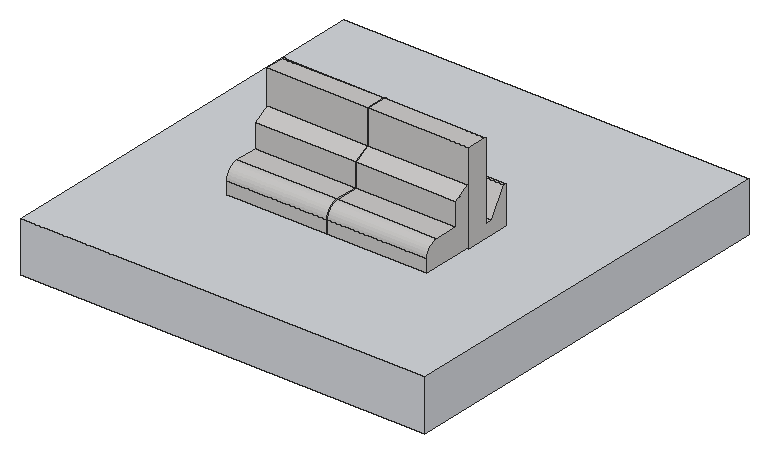
Revit family
Parameters (values of type "8981-2-IS-RL")
  Waste Connection = yes
  WFU = 0
  Voltage = 0
  Vent Connection = no
  URL = "http://www.neo-metro.com"
  Type Comments = ""
  Tempered Water Connection = no
  Revised Date = "03/19/13"
  Phone# = "626-336-4561"
  PDM-HP - Metering Liquid Soap System (Mira) = no
  PDM - Metering Liquid Soap System (Satin) = no
  Model = "8981-2-IS-RL"
  Material = Stainless Steel
  Manufacturer = "Neo-Metro"
  HWFU = 0
  HW Connection = yes
  HTR - Electric Water Heater = no
  Designed By = "ATS BIM Team"
  Description = "Straight Front Washbasin"
  Default Elevation = 34"
  DMJ-SO - Sensor Operated (Plug-in Power Supply) Deck Mounted L-Spout = no
  DMJ-SO - Sensor Operated (Plug-in Power Supply) Deck Mounted J-Spout = no
  DMJ-H - Hand Operated Deck Mounted L-Spout = no
  DMJ-H - Hand Operated Deck Mounted J-Spout = no
  CWFU = 0
  CW Connection = yes
  Assembly Code = ""
  Amperage = 0
  9 - Punching for Valve (Customer will provide own faucet/valves. Neo-Metro will provide hole punching to accomodate Customer's faucet.) Please provide Neo-Metro with faucet's specification drawings. (All holes punchings will be the same diameter.) = no
Reference planes (in)
  plane 1 "Center (Front/Back)": y = 0
  plane 2: z = 0
  plane 3 "Center (Left/Right)": x = 0
  plane 4: z = 21.5
  plane 5: y = -17
  plane 6: y = 6
  plane 7: y = -5
  plane 8: z = 6
  plane 9: y = -8.5
  plane 10: z = 9
  plane 11: z = 3
  plane 12: x = -24
  plane 13: x = 24
  plane 14: x = -12
  plane 15: x = 12
Forms (in)
  Extrusion 1, solid
    sketch origin (0, 0, 0) x (1, 0, 0) y (0, 1, 0)
      loop
        line (-48, 48) -> (-48, -48) -> (48, -48) -> (48, 48) -> (-48, 48)
    from 0 to -12
  Extrusion 2, solid, material "Stainless Steel" <- "Material"
    sketch origin (-12, 0, 0) x (0, -1, 0) y (0, 0, 1)
      loop
        line (-6, 0) -> (17, 0) -> (17, 3)
        arc (17, 3) -> (16.12132, 5.12132) -> (14, 6) r 3
        line (14, 6) -> (8.5, 6) -> (8.5, 11.47927) -> (5, 13.5) -> (5, 21.5) -> (0.25, 21.5)
        arc (0.25, 21.5) -> (0.07322, 21.42678) -> (0, 21.25) r 0.25
        line (0, 21.25) -> (0, 3) -> (-2.0359, 3) -> (-5.5, 9) -> (-6, 9) -> (-6, 0)
    from -12 to 12
  Revolve 3, void
    sketch origin (-12, 0, 12.125) x (1, 0, 0) y (0, 1, 0)
      loop
        line (0, 0) -> (0, -4)
        arc (0, -4) -> (4.36451, -2.96487) -> (7.77533, -0.05167) r 9.55235
        arc (7.77533, -0.05167) -> (7.81974, -0.01366) -> (7.87656, 0) r 0.125
        line (7.87656, 0) -> (8, 0) -> (8, 0.58601) -> (0, 0.58601) -> (0, 0)
      axis (0, -4) -> (0, 0.58601)
    angle from -90 to 270
  Extrusion 4, void
    sketch origin (-12, 0, 0) x (1, 0, 0) y (0, 0, 1)
      loop
        circle (0, 12.08772) r 0.75
    from 3.71669 to 5.37972
  Revolve 5, solid, material "Stainless Steel" <- "Material"
    sketch origin (-12, 4.95425, -2.11118) x (0, 0.275637, -0.961262) y (0, 0.961262, 0.275637)
      loop
        line (-9.65598, 1.43409) -> (-9.50729, 1.25047) -> (-9.60643, 1.17019) -> (-9.55254, 1.10365) -> (-9.40779, 1.22086) -> (-9.46168, 1.28741) -> (-9.41281, 1.32698) -> (-9.35892, 1.26043) -> (-9.04029, 1.51846)
        arc (-9.04029, 1.51846) -> (-8.89852, 1.7498) -> (-8.93392, 2.01881) r 0.40645
        line (-8.93392, 2.01881) -> (-9.65598, 1.43409)
      axis (-9.75512, 1.35382) -> (-8.93392, 2.01881)
    angle from 0 to 360
  Revolve 6, solid, material "Stainless Steel" <- "Material"
    sketch origin (-12, 2.86383, -1.30923) x (0, 1, 0) y (0, 0, -1)
      loop
        line (0.98704, -8.30923) -> (1.81136, -8.30923) -> (1.81136, -7.73785) -> (1.55843, -7.73785)
        arc (1.55843, -7.73785) -> (1.1544, -7.9052) -> (0.98704, -8.30923) r 0.57138
      axis (1.81136, -8.30923) -> (0.98704, -8.30923)
    angle from 0 to 360
  Extrusion 7, void
    sketch origin (-12, 0, 0) x (1, 0, 0) y (0, 1, 0)
      loop
        line (-11.75, -5) -> (-12, -5) -> (-12, -17) -> (-11.75, -17) -> (-11.75, -5)
      loop
        line (35.75, -5) -> (35.75, -17) -> (36, -17) -> (36, -5) -> (35.75, -5)
    from 0 to 21.5
  Extrusion 8, solid, material "Stainless Steel" <- "Material"
    sketch origin (12, 0, 0) x (0, -1, 0) y (0, 0, 1)
      loop
        line (-6, 0) -> (17, 0) -> (17, 3)
        arc (17, 3) -> (16.12132, 5.12132) -> (14, 6) r 3
        line (14, 6) -> (8.5, 6) -> (8.5, 11.47927) -> (5, 13.5) -> (5, 21.5) -> (0.25, 21.5)
        arc (0.25, 21.5) -> (0.07322, 21.42678) -> (0, 21.25) r 0.25
        line (0, 21.25) -> (0, 3) -> (-2.0359, 3) -> (-5.5, 9) -> (-6, 9) -> (-6, 0)
    from -12 to 12
  Revolve 9, void
    sketch origin (12, 0, 12.125) x (1, 0, 0) y (0, 1, 0)
      loop
        line (0, 0) -> (0, -4)
        arc (0, -4) -> (4.36451, -2.96487) -> (7.77533, -0.05167) r 9.55235
        arc (7.77533, -0.05167) -> (7.81974, -0.01366) -> (7.87656, 0) r 0.125
        line (7.87656, 0) -> (8, 0) -> (8, 0.58601) -> (0, 0.58601) -> (0, 0)
      axis (0, -4) -> (0, 0.58601)
    angle from -90 to 270
  Extrusion 10, void
    sketch origin (12, 0, 0) x (1, 0, 0) y (0, 0, 1)
      loop
        circle (0, 12.08772) r 0.75
    from 3.71669 to 5.37972
  Revolve 11, solid, material "Stainless Steel" <- "Material"
    sketch origin (12, 4.95425, -2.11118) x (0, 0.275637, -0.961262) y (0, 0.961262, 0.275637)
      loop
        line (-9.65598, 1.43409) -> (-9.50729, 1.25047) -> (-9.60643, 1.17019) -> (-9.55254, 1.10365) -> (-9.40779, 1.22086) -> (-9.46168, 1.28741) -> (-9.41281, 1.32698) -> (-9.35892, 1.26043) -> (-9.04029, 1.51846)
        arc (-9.04029, 1.51846) -> (-8.89852, 1.7498) -> (-8.93392, 2.01881) r 0.40645
        line (-8.93392, 2.01881) -> (-9.65598, 1.43409)
      axis (-9.75512, 1.35382) -> (-8.93392, 2.01881)
    angle from 0 to 360
  Revolve 12, solid, material "Stainless Steel" <- "Material"
    sketch origin (12, 2.86383, -1.30923) x (0, 1, 0) y (0, 0, -1)
      loop
        line (0.98704, -8.30923) -> (1.81136, -8.30923) -> (1.81136, -7.73785) -> (1.55843, -7.73785)
        arc (1.55843, -7.73785) -> (1.1544, -7.9052) -> (0.98704, -8.30923) r 0.57138
      axis (1.81136, -8.30923) -> (0.98704, -8.30923)
    angle from 0 to 360
Cuts and joins
  Revolve 3, Extrusion 4, Extrusion 7, Revolve 9, Extrusion 10 cuts Extrusion 2
  Extrusion 7, Revolve 9, Extrusion 10 cuts Extrusion 8
Dimensions and locks (in)
  plane 12 to plane 13 = 48"
  plane 2 to plane 4 = 21 1/2"
  plane 10 to plane 2 = 9"
  plane 8 to plane 2 = 6"
  plane 7 to plane 1 "Center (Front/Back)" = 5"
  plane 9 to plane 7 = 3 1/2"
  plane 5 to plane 7 = 12"
  plane 5 to plane 1 "Center (Front/Back)" to plane 6 = 17", 6"
  plane 12 to plane 14 to plane 15 to plane 13 = 12", 24", 12"
  aligned and locked: plane 2 to Extrusion 1
  aligned and locked: level to Extrusion 1
